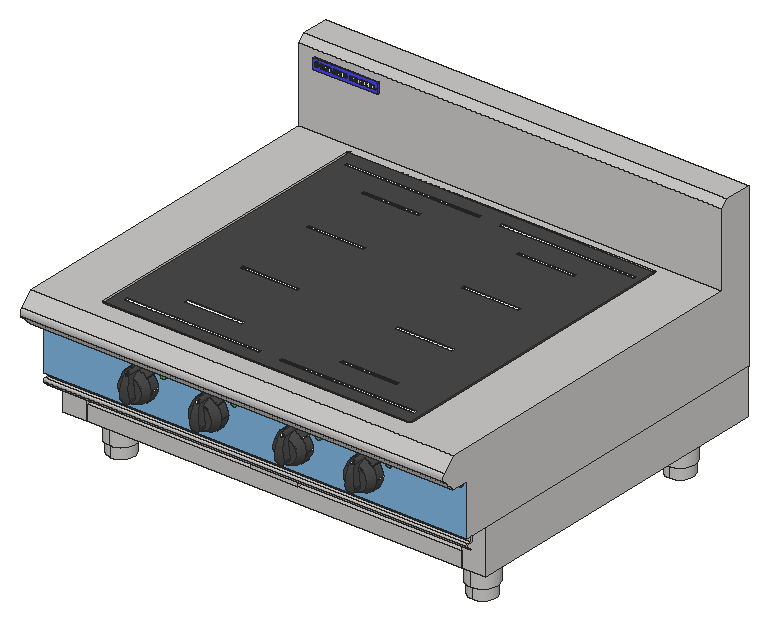
Revit family "QF_Moffat_IN514F-B_Induction_Cooktop_cat", category Specialty Equipment, Revit 2019
Family settings
  Round Connector Dimension = Use Diameter
  Part Type = Normal
  Work Plane-Based = No
  Always vertical = Yes
  Cut with Voids When Loaded = No
  Shared = No
  Room Calculation Point = No
Parameters (values of type "IN514F-B")
  Weight in Kilograms = 105
  Watts = 11200 W
  Volts = 400 V
  URL Cutsheet = ""
  Specification by User = ""
  Specification by Manufacturer = ""
  Show Logo [instance] = yes
  Serial Number = ""
  Seismic Rating = ""
  SMACNA No = ""
  Revision Code = ""
  Phase = 3
  Number of Poles = 1
  NAFEM Spec ID Number = ""
  Model = "IN514F-B"
  Min Ckt Ampacity = 0 A
  Max Overcurrent Protection = 0 A
  Masterspec = ""
  Manufacturer = "Moffat"
  Length = 900 mm
  Item Number = ""
  Installed By = ""
  Identify Quantity as Lot = yes
  Height = 525 mm
  HP = ""
  Furnished By = ""
  Foodservice Equipment Identifier = yes
  FL Amps = 28 A
  Electrical Remarks = ""
  Electric Connection Type = ""
  Elec Conn RI Height = 0 mm
  Elec Conn Connection Height = 0 mm
  Description = "Induction Cooktop"
  Depth = 812.2 mm
  Cycle = 50 Hz
  Conn Plug = ""
  Conn Conduit = yes
  CSI MasterFormat = ""
  Apparent Power = if(Phase = 3, Volts * FL Amps * 1.73, Volts * FL Amps)  # 19376 VA
Reference planes
  plane 1 "BACK": y = 0
  plane 2: z = 0
  plane 3 "LEFT": x = 0
  plane 4 "RIGHT": x = 900
  plane 5 "FRONT": y = -812.2
  plane 6 "TOP": z = 525
  plane 7 "Center Y": x = 450
  plane 8 "Center X": y = -406.1
  plane 9: x = 65.5
  plane 10: x = 834.5
  plane 11: y = -30
  plane 12: x = 770
  plane 13: z = 180
  plane 14: y = -100
  plane 15: y = -625
  plane 16: z = 85
Forms (mm)
  Extrusion 1, solid, material "QF_Metal_Stainless_Polished"
    sketch origin (0, 0, 0) x (0, 1, 0) y (0, 0, 1)
      loop
        line (0, 180) -> (0, 525) -> (-57, 525) -> (-70, 512) -> (-70, 354.5) -> (-784.171, 354.5) -> (-808.685, 329.985)
        arc (-808.685, 329.985) -> (-812.2, 321.5) -> (-808.685, 313.015) r 12
        line (-808.685, 313.015) -> (-785.171, 289.5) -> (-749, 289.5) -> (-749, 180) -> (0, 180)
    from 0 to 900
  Extrusion 2, void
    sketch origin (0, -784.171, 354.5) x (0, 1, 0) y (-1, 0, 0)
      loop
        arc (696.671, -124.5) -> (694.913, -120.257) -> (690.671, -118.5) r 6
        line (690.671, -118.5) -> (44.671, -118.5)
        arc (44.671, -118.5) -> (40.428, -120.257) -> (38.671, -124.5) r 6
        line (38.671, -124.5) -> (38.671, -770.5)
        arc (38.671, -770.5) -> (40.428, -774.743) -> (44.671, -776.5) r 6
        line (44.671, -776.5) -> (690.671, -776.5)
        arc (690.671, -776.5) -> (694.913, -774.743) -> (696.671, -770.5) r 6
        line (696.671, -770.5) -> (696.671, -124.5)
    from 0 to -9.5
  Extrusion 3, solid, material "QF_Plastic_White_Smooth"
    sketch origin (0, -784.171, 345) x (0, 1, 0) y (-1, 0, 0)
      loop
        line (599.671, -345) -> (605.671, -345) -> (605.671, -225) -> (599.671, -225) -> (599.671, -345)
      loop
        line (657.271, -427.5) -> (663.271, -427.5) -> (663.271, -142.5) -> (657.271, -142.5) -> (657.271, -427.5)
      loop
        line (657.271, -757.5) -> (663.271, -757.5) -> (663.271, -472.5) -> (657.271, -472.5) -> (657.271, -757.5)
      loop
        line (605.671, -555) -> (599.671, -555) -> (599.671, -675) -> (605.671, -675) -> (605.671, -555)
      loop
        line (459.171, -555) -> (453.171, -555) -> (453.171, -675) -> (459.171, -675) -> (459.171, -555)
      loop
        line (453.171, -345) -> (459.171, -345) -> (459.171, -225) -> (453.171, -225) -> (453.171, -345)
      loop
        line (282.171, -345) -> (282.171, -225) -> (276.171, -225) -> (276.171, -345) -> (282.171, -345)
      loop
        line (282.171, -555) -> (276.171, -555) -> (276.171, -675) -> (282.171, -675) -> (282.171, -555)
      loop
        line (129.671, -675) -> (135.671, -675) -> (135.671, -555) -> (129.671, -555) -> (129.671, -675)
      loop
        line (129.671, -345) -> (135.671, -345) -> (135.671, -225) -> (129.671, -225) -> (129.671, -345)
      loop
        line (78.071, -142.5) -> (72.071, -142.5) -> (72.071, -427.5) -> (78.071, -427.5) -> (78.071, -142.5)
      loop
        line (72.071, -757.5) -> (78.071, -757.5) -> (78.071, -472.5) -> (72.071, -472.5) -> (72.071, -757.5)
    from 0 to 9.5
  Extrusion 4, solid, material "QF_Plastic_Black_Smooth"
    sketch origin (0, -784.171, 354.5) x (0, 1, 0) y (-1, 0, 0)
      loop
        line (692.671, -770.5) -> (692.671, -124.5)
        arc (692.671, -124.5) -> (692.085, -123.086) -> (690.671, -122.5) r 2
        line (690.671, -122.5) -> (44.671, -122.5)
        arc (44.671, -122.5) -> (43.256, -123.086) -> (42.671, -124.5) r 2
        line (42.671, -124.5) -> (42.671, -770.5)
        arc (42.671, -770.5) -> (43.256, -771.914) -> (44.671, -772.5) r 2
        line (44.671, -772.5) -> (690.671, -772.5)
        arc (690.671, -772.5) -> (692.085, -771.914) -> (692.671, -770.5) r 2
      loop
        line (657.271, -142.5) -> (657.271, -427.5) -> (663.271, -427.5) -> (663.271, -142.5) -> (657.271, -142.5)
      loop
        line (599.671, -225) -> (599.671, -345) -> (605.671, -345) -> (605.671, -225) -> (599.671, -225)
      loop
        line (459.171, -345) -> (459.171, -225) -> (453.171, -225) -> (453.171, -345) -> (459.171, -345)
      loop
        line (276.171, -225) -> (276.171, -345) -> (282.171, -345) -> (282.171, -225) -> (276.171, -225)
      loop
        line (129.671, -225) -> (129.671, -345) -> (135.671, -345) -> (135.671, -225) -> (129.671, -225)
      loop
        line (78.071, -427.5) -> (78.071, -142.5) -> (72.071, -142.5) -> (72.071, -427.5) -> (78.071, -427.5)
      loop
        line (72.071, -757.5) -> (78.071, -757.5) -> (78.071, -472.5) -> (72.071, -472.5) -> (72.071, -757.5)
      loop
        line (129.671, -675) -> (135.671, -675) -> (135.671, -555) -> (129.671, -555) -> (129.671, -675)
      loop
        line (276.171, -675) -> (282.171, -675) -> (282.171, -555) -> (276.171, -555) -> (276.171, -675)
      loop
        line (453.171, -675) -> (459.171, -675) -> (459.171, -555) -> (453.171, -555) -> (453.171, -675)
      loop
        line (599.671, -675) -> (605.671, -675) -> (605.671, -555) -> (599.671, -555) -> (599.671, -675)
      loop
        line (657.271, -757.5) -> (663.271, -757.5) -> (663.271, -472.5) -> (657.271, -472.5) -> (657.271, -757.5)
    from 0 to -9.5
  Extrusion 5, solid, material "QF_Metal_Stainless_Polished"
    sketch origin (0, 0, 40) x (0, 1, 0) y (0, 0, 1)
      loop
        line (-737.8, 140) -> (-737.8, 130) -> (-747.305, 130)
        arc (-747.305, 130) -> (-750.276, 128.015) -> (-749.579, 124.511) r 3.215
        line (-749.579, 124.511) -> (-739.05, 113.982) -> (-737.919, 115.113) -> (-748.447, 125.642)
        arc (-748.447, 125.642) -> (-748.797, 127.403) -> (-747.305, 128.4) r 1.615
        line (-747.305, 128.4) -> (-736.2, 128.4) -> (-736.2, 140) -> (-737.8, 140)
    from 0 to 900
  Extrusion 6, solid, material "QF_Plastic_Black_Smooth"
    sketch origin (0, -749, 181.875) x (0, 0, 1) y (-1, 0, 0)
      loop
        circle (99.343, -13.157) r 5
      loop
        circle (99.343, -886.843) r 5
      loop
        circle (99.343, -210) r 5
      loop
        circle (99.343, -360) r 5
      loop
        circle (99.343, -540) r 5
      loop
        circle (99.343, -690) r 5
    from 0 to 1.6
  Extrusion 7, solid, material "QF_Metal_Stainless_Polished"
    sketch origin (0, -699, 85) x (0, 1, 0) y (1, 0, 0)
      loop
        circle (669, 770) r 6.35
    from 0 to 1.6
  Extrusion 8, solid, material "QF_Metal_Stainless_Polished"
    sketch origin (0, -699, 85) x (1, 0, 0) y (0, -1, 0)
      loop
        line (0, -699) -> (900, -699) -> (900, 0) -> (849.2, 0) -> (849.2, -25.4) -> (50.8, -25.4) -> (50.8, 0) -> (0, 0) -> (0, -699)
    from 0 to -95
  Revolve 9, solid, material "QF_Metal_Stainless_Polished"
    sketch origin (65.5, -4572, -304.8) x (0, 0, -1) y (0, -1, 0)
      loop
        line (-304.8, -4499.5) -> (-304.8, -4472) -> (-389.8, -4472) -> (-389.8, -4503.75) -> (-329.8, -4503.75) -> (-329.8, -4499.5) -> (-304.8, -4499.5)
      axis (-389.8, -4472) -> (-304.8, -4472)
    angle from 0 to 360
  Revolve 10, solid, material "QF_Metal_Stainless_Polished"
    sketch origin (65.5, -4572, -304.8) x (0, 0, -1) y (0, -1, 0)
      loop
        line (-304.8, -3974.5) -> (-304.8, -3947) -> (-389.8, -3947) -> (-389.8, -3978.75) -> (-329.8, -3978.75) -> (-329.8, -3974.5) -> (-304.8, -3974.5)
      axis (-389.8, -3947) -> (-304.8, -3947)
    angle from 0 to 360
  Revolve 11, solid, material "QF_Metal_Stainless_Polished"
    sketch origin (834.5, -4572, -304.8) x (0, 0, -1) y (0, 1, 0)
      loop
        line (-304.8, 4499.5) -> (-329.8, 4499.5) -> (-329.8, 4503.75) -> (-389.8, 4503.75) -> (-389.8, 4472) -> (-304.8, 4472) -> (-304.8, 4499.5)
      axis (-389.8, 4472) -> (-304.8, 4472)
    angle from 0 to 360
  Revolve 12, solid, material "QF_Metal_Stainless_Polished"
    sketch origin (834.5, -4572, -304.8) x (0, 0, -1) y (0, 1, 0)
      loop
        line (-304.8, 3974.5) -> (-329.8, 3974.5) -> (-329.8, 3978.75) -> (-389.8, 3978.75) -> (-389.8, 3947) -> (-304.8, 3947) -> (-304.8, 3974.5)
      axis (-389.8, 3947) -> (-304.8, 3947)
    angle from 0 to 360
  Extrusion 13, solid, material "QF_Paint_Green"
    sketch origin (-27.5, -749, 181.7) x (0, 0, 1) y (-1, 0, 0)
      loop
        circle (84.8, -282.5) r 7.15
    from 0 to 1.6
  Extrusion 14, solid, material "QF_Paint_Green"
    sketch origin (122.5, -749, 181.7) x (0, 0, 1) y (-1, 0, 0)
      loop
        circle (84.8, -282.5) r 7.15
    from 0 to 1.6
  Extrusion 15, solid, material "QF_Paint_Green"
    sketch origin (302.5, -749, 181.7) x (0, 0, 1) y (-1, 0, 0)
      loop
        circle (84.8, -282.5) r 7.15
    from 0 to 1.6
  Extrusion 16, solid, material "QF_Paint_Green"
    sketch origin (452.5, -749, 181.7) x (0, 0, 1) y (-1, 0, 0)
      loop
        circle (84.8, -282.5) r 7.15
    from 0 to 1.6
  Extrusion 17, solid, material "QF_Metal_Stainless_Polished"
    sketch origin (849.2, -673.6, 85) x (-1, 0, 0) y (0, 0, -1)
      loop
        line (798.4, -32.7) -> (798.4, 0) -> (0, 0) -> (0, -32.7) -> (798.4, -32.7)
      loop
        line (798.4, -42.7) -> (450, -42.7) -> (450, -66.4) -> (798.4, -66.4) -> (798.4, -42.7)
      loop
        line (0, -67.4) -> (0, -95) -> (798.4, -95) -> (798.4, -67.4) -> (0, -67.4)
      loop
        line (348.4, -42.7) -> (0, -42.7) -> (0, -66.4) -> (348.4, -66.4) -> (348.4, -42.7)
    from 0 to 25.4
  Extrusion 18, solid, material "QF_Metal_Stainless_Polished"
    sketch origin (849.2, -673.6, 85) x (1, 0, 0) y (0, 0, -1)
      loop
        line (-450, -67.4) -> (-348.4, -67.4) -> (-348.4, -32.7) -> (-450, -32.7) -> (-450, -67.4)
    from 0 to -25.4
Cuts and joins
  Extrusion 2 cuts Extrusion 1
Lines and regions (mm)
  symbolic lines
    curve 1: line (0, 0, 0) -> (900, 0, 0)
    curve 2: line (0, -812.2, 0) -> (0, 0, 0)
    curve 3: line (900, -812.2, 0) -> (0, -812.2, 0)
    curve 4: line (900, 0, 0) -> (900, -812.2, 0)
    curve 5: line (0, -57, 0) -> (900, -57, 0)
    curve 6: line (0, -70, 0) -> (900, -70, 0)
    curve 7: line (124.5, -87.5, 0) -> (770.5, -87.5, 0)
    curve 8: arc (770.5, -87.5, 0) -> (774.743, -89.257, 0) -> (776.5, -93.5, 0) r 6
    curve 9: line (776.5, -93.5, 0) -> (776.5, -739.5, 0)
    curve 10: arc (776.5, -739.5, 0) -> (774.743, -743.743, 0) -> (770.5, -745.5, 0) r 6
    curve 11: line (770.5, -745.5, 0) -> (124.5, -745.5, 0)
    curve 12: arc (124.5, -745.5, 0) -> (120.257, -743.743, 0) -> (118.5, -739.5, 0) r 6
    curve 13: line (118.5, -739.5, 0) -> (118.5, -93.5, 0)
    curve 14: arc (118.5, -93.5, 0) -> (120.257, -89.257, 0) -> (124.5, -87.5, 0) r 6
    curve 15: line (770.5, -91.5, 0) -> (124.5, -91.5, 0)
    curve 16: arc (124.5, -91.5, 0) -> (123.086, -92.086, 0) -> (122.5, -93.5, 0) r 2
    curve 17: line (122.5, -93.5, 0) -> (122.5, -739.5, 0)
    curve 18: arc (122.5, -739.5, 0) -> (123.086, -740.914, 0) -> (124.5, -741.5, 0) r 2
    curve 19: line (124.5, -741.5, 0) -> (770.5, -741.5, 0)
    curve 20: arc (770.5, -741.5, 0) -> (771.914, -740.914, 0) -> (772.5, -739.5, 0) r 2
    curve 21: line (772.5, -739.5, 0) -> (772.5, -93.5, 0)
    curve 22: arc (772.5, -93.5, 0) -> (771.914, -92.086, 0) -> (770.5, -91.5, 0) r 2
    curve 23: line (142.5, -120.9, 0) -> (427.5, -120.9, 0)
    curve 24: line (427.5, -120.9, 0) -> (427.5, -126.9, 0)
    curve 25: line (427.5, -126.9, 0) -> (142.5, -126.9, 0)
    curve 26: line (142.5, -126.9, 0) -> (142.5, -120.9, 0)
    curve 27: line (225, -178.5, 0) -> (345, -178.5, 0)
    curve 28: line (345, -178.5, 0) -> (345, -184.5, 0)
    curve 29: line (345, -184.5, 0) -> (225, -184.5, 0)
    curve 30: line (225, -184.5, 0) -> (225, -178.5, 0)
    curve 31: line (472.5, -120.9, 0) -> (757.5, -120.9, 0)
    curve 32: line (757.5, -120.9, 0) -> (757.5, -126.9, 0)
    curve 33: line (757.5, -126.9, 0) -> (472.5, -126.9, 0)
    curve 34: line (472.5, -126.9, 0) -> (472.5, -120.9, 0)
    curve 35: line (555, -178.5, 0) -> (675, -178.5, 0)
    curve 36: line (675, -178.5, 0) -> (675, -184.5, 0)
    curve 37: line (675, -184.5, 0) -> (555, -184.5, 0)
    curve 38: line (555, -184.5, 0) -> (555, -178.5, 0)
    curve 39: line (225, -325, 0) -> (345, -325, 0)
    curve 40: line (345, -325, 0) -> (345, -331, 0)
    curve 41: line (345, -331, 0) -> (225, -331, 0)
    curve 42: line (225, -331, 0) -> (225, -325, 0)
    curve 43: line (225, -502, 0) -> (345, -502, 0)
    curve 44: line (345, -502, 0) -> (345, -508, 0)
    curve 45: line (345, -508, 0) -> (225, -508, 0)
    curve 46: line (225, -508, 0) -> (225, -502, 0)
    curve 47: line (225, -648.5, 0) -> (345, -648.5, 0)
    curve 48: line (345, -648.5, 0) -> (345, -654.5, 0)
    curve 49: line (345, -654.5, 0) -> (225, -654.5, 0)
    curve 50: line (225, -654.5, 0) -> (225, -648.5, 0)
    curve 51: line (142.5, -706.1, 0) -> (427.5, -706.1, 0)
    curve 52: line (427.5, -706.1, 0) -> (427.5, -712.1, 0)
    curve 53: line (427.5, -712.1, 0) -> (142.5, -712.1, 0)
    curve 54: line (142.5, -712.1, 0) -> (142.5, -706.1, 0)
    curve 55: line (472.5, -706.1, 0) -> (757.5, -706.1, 0)
    curve 56: line (757.5, -706.1, 0) -> (757.5, -712.1, 0)
    curve 57: line (757.5, -712.1, 0) -> (472.5, -712.1, 0)
    curve 58: line (472.5, -712.1, 0) -> (472.5, -706.1, 0)
    curve 59: line (675, -654.5, 0) -> (555, -654.5, 0)
    curve 60: line (555, -654.5, 0) -> (555, -648.5, 0)
    curve 61: line (555, -648.5, 0) -> (675, -648.5, 0)
    curve 62: line (675, -648.5, 0) -> (675, -654.5, 0)
    curve 63: line (675, -508, 0) -> (555, -508, 0)
    curve 64: line (555, -508, 0) -> (555, -502, 0)
    curve 65: line (555, -502, 0) -> (675, -502, 0)
    curve 66: line (675, -502, 0) -> (675, -508, 0)
    curve 67: line (675, -331, 0) -> (555, -331, 0)
    curve 68: line (555, -331, 0) -> (555, -325, 0)
    curve 69: line (555, -325, 0) -> (675, -325, 0)
    curve 70: line (675, -325, 0) -> (675, -331, 0)
    curve 71: line (0, -784.171, 0) -> (900, -784.171, 0)
Dimensions and locks
  equal spacing: plane 3 "LEFT", plane 7 "Center Y", plane 4 "RIGHT"
  "Length": plane 3 "LEFT" to plane 4 "RIGHT"
  equal spacing: plane 5 "FRONT", plane 8 "Center X", plane 1 "BACK"
  "Depth": plane 5 "FRONT" to plane 1 "BACK"
  "Height": plane 6 "TOP" to level
  plane 9 to plane 10 = 769 mm
  plane 4 "RIGHT" to plane 3 "LEFT" = 900 mm
  plane 1 "BACK" to cut or joined group of Extrusion 1, Extrusion 2 = 70 mm
  plane 1 "BACK" to plane 5 "FRONT" = 812.2 mm
  plane 6 "TOP" to plane 2 = 525 mm
  cut or joined group of Extrusion 1, Extrusion 2 to plane 2 = 354.5 mm
  locked: plane 12 to plane 4 "RIGHT" at 130
  plane 1 "BACK" to plane 11 = 30 mm
  plane 1 "BACK" to plane 14 to plane 15 = 100 mm, 525 mm
  plane 16 to plane 2 = 85 mm
  aligned and locked: level to plane 2
Automatic sketch dimensions
  Extrusion 1 sketch curve to plane 6 "TOP" = 0 mm
  Extrusion 1 sketch curve to plane 1 "BACK" = 0 mm
  plane 11 to Extrusion 1 sketch curve = 27 mm
  Extrusion 1 sketch curve to plane 6 "TOP" = 13 mm
  Extrusion 1 sketch curve to Extrusion 1 sketch curve = 13 mm
  Extrusion 1 sketch curve to plane 5 "FRONT" = 63.2 mm
  Extrusion 1 sketch curve to plane 5 "FRONT" = 28.029 mm
  Extrusion 1 sketch curve to plane 5 "FRONT" = 27.029 mm
  Extrusion 1 sketch curve to plane 5 "FRONT" = 12 mm
  Extrusion 1 sketch curve to plane 5 "FRONT" = 3.515 mm  (x2)
  Extrusion 1 sketch curve to plane 6 "TOP" = 170.5 mm
  Extrusion 1 sketch curve to Extrusion 1 sketch curve = 24.515 mm
  Extrusion 1 sketch curve to Extrusion 1 sketch curve = 8.485 mm
  Extrusion 1 sketch curve to Extrusion 1 sketch curve = 32 mm
  Extrusion 1 sketch curve to plane 13 = 0 mm
  Extrusion 5 sketch curve to Extrusion 5 sketch curve = 0 mm  (x2)
  plane 13 to Extrusion 5 sketch curve = 15.489 mm
  Extrusion 5 sketch curve to plane 5 "FRONT" = 62.621 mm
  plane 13 to Extrusion 5 sketch curve = 14.358 mm
  Extrusion 5 sketch curve to Extrusion 5 sketch curve = 1.131 mm
  Extrusion 5 sketch curve to Extrusion 5 sketch curve = 1.142 mm  (x2)
  plane 13 to Extrusion 5 sketch curve = 26.018 mm
  Extrusion 5 sketch curve to Extrusion 5 sketch curve = 10.529 mm
  Extrusion 5 sketch curve to Extrusion 5 sketch curve = 9.505 mm
  Extrusion 5 sketch curve to plane 13 = 0 mm
  Extrusion 5 sketch curve to Extrusion 5 sketch curve = 1.6 mm
  Extrusion 8 to Extrusion 7 sketch curve = 30 mm
  Extrusion 7 sketch curve to Extrusion 8 = 79.2 mm
  plane 1 "BACK" to Extrusion 8 sketch curve = 0 mm
  Extrusion 8 sketch curve to plane 3 "LEFT" = 0 mm
  Extrusion 8 sketch curve to plane 4 "RIGHT" = 0 mm
  plane 9 to Extrusion 8 sketch curve = 14.7 mm
  Extrusion 8 sketch curve to plane 10 = 14.7 mm
  plane 15 to Extrusion 8 sketch curve = 48.6 mm
  Extrusion 8 sketch curve to Extrusion 8 sketch curve = 25.4 mm  (x2)
  Revolve 9 sketch curve to plane 14 = 0 mm  (x2)
  Revolve 9 sketch curve to plane 16 = 0 mm
  Revolve 9 sketch curve to level = 0 mm  (x2)
  level to Revolve 9 sketch curve = 25 mm
  Revolve 9 sketch curve to plane 14 = 27.5 mm
  Revolve 9 sketch curve to plane 14 = 31.75 mm
  Revolve 9 sketch curve to Revolve 9 sketch curve = 25 mm
  Revolve 10 sketch curve to plane 15 = 0 mm  (x2)
  Revolve 10 sketch curve to plane 16 = 0 mm
  Revolve 10 sketch curve to level = 0 mm  (x2)
  level to Revolve 10 sketch curve = 25 mm
  Revolve 10 sketch curve to plane 15 = 27.5 mm
  Revolve 10 sketch curve to plane 15 = 31.75 mm
  Revolve 10 sketch curve to Revolve 10 sketch curve = 25 mm
  Revolve 11 sketch curve to plane 14 = 0 mm  (x2)
  Revolve 11 sketch curve to plane 16 = 0 mm
  Revolve 11 sketch curve to level = 0 mm  (x2)
  level to Revolve 11 sketch curve = 25 mm
  Revolve 11 sketch curve to plane 14 = 27.5 mm
  Revolve 11 sketch curve to Revolve 11 sketch curve = 4.25 mm
  Revolve 11 sketch curve to Revolve 11 sketch curve = 25 mm
  Revolve 12 sketch curve to plane 15 = 0 mm  (x2)
  Revolve 12 sketch curve to plane 16 = 0 mm
  Revolve 12 sketch curve to level = 0 mm  (x2)
  level to Revolve 12 sketch curve = 25 mm
  Revolve 12 sketch curve to plane 15 = 27.5 mm
  Revolve 12 sketch curve to Revolve 12 sketch curve = 4.25 mm
  Revolve 12 sketch curve to Revolve 12 sketch curve = 25 mm
  Extrusion 1 to Extrusion 13 sketch curve = 23 mm
  Extrusion 1 to Extrusion 13 sketch curve = 255 mm
  Extrusion 1 to Extrusion 14 sketch curve = 23 mm
  Extrusion 1 to Extrusion 14 sketch curve = 405 mm
  Extrusion 1 to Extrusion 15 sketch curve = 23 mm
  Extrusion 1 to Extrusion 15 sketch curve = 315 mm
  Extrusion 1 to Extrusion 16 sketch curve = 23 mm
  Extrusion 1 to Extrusion 16 sketch curve = 165 mm
  Extrusion 17 sketch curve to Extrusion 8 = 0 mm  (x8)
  Extrusion 8 to Extrusion 17 sketch curve = 42.7 mm
  Extrusion 17 sketch curve to Extrusion 8 = 348.4 mm
  Extrusion 8 to Extrusion 17 sketch curve = 28.6 mm
  Extrusion 17 sketch curve to Extrusion 17 sketch curve = 101.6 mm
  Extrusion 17 sketch curve to Extrusion 17 sketch curve = 24.7 mm
  Extrusion 17 sketch curve to Extrusion 17 sketch curve = 23.7 mm  (x2)
  Extrusion 17 sketch curve to Extrusion 17 sketch curve = 10 mm
  Extrusion 18 sketch curve to Extrusion 17 = 0 mm  (x3)
  Extrusion 17 to Extrusion 18 sketch curve = 0 mm
  Extrusion 4 sketch curve to Extrusion 1 = 42.671 mm
  Extrusion 4 sketch curve to Extrusion 4 sketch curve = 2 mm  (x3)
  Extrusion 1 to Extrusion 4 sketch curve = 23.5 mm  (x2)
  Extrusion 1 to Extrusion 4 sketch curve = 127.5 mm
  Extrusion 1 to Extrusion 4 sketch curve = 124.5 mm
  Extrusion 1 to Extrusion 4 sketch curve = 56.9 mm
  Extrusion 4 sketch curve to Extrusion 4 sketch curve = 6 mm  (x12)
  Extrusion 4 sketch curve to Extrusion 4 sketch curve = 303 mm
  Extrusion 4 sketch curve to Extrusion 4 sketch curve = 18 mm  (x2)
  Extrusion 4 sketch curve to Extrusion 4 sketch curve = 57.6 mm
  Extrusion 4 sketch curve to Extrusion 4 sketch curve = 82.5 mm  (x5)
  Extrusion 4 sketch curve to Extrusion 4 sketch curve = 146.5 mm
  Extrusion 4 sketch curve to Extrusion 4 sketch curve = 0 mm  (x6)
  Extrusion 4 sketch curve to Extrusion 4 sketch curve = 120 mm  (x6)
  Extrusion 4 sketch curve to Extrusion 4 sketch curve = 177 mm
  Extrusion 4 sketch curve to Extrusion 1 = 129.671 mm
  Extrusion 4 sketch curve to Extrusion 4 sketch curve = 27.4 mm  (x2)
  Extrusion 4 sketch curve to Extrusion 4 sketch curve = 13 mm  (x2)
  Extrusion 4 sketch curve to Extrusion 4 sketch curve = 45 mm  (x2)
  Extrusion 4 sketch curve to Extrusion 4 sketch curve = 51.6 mm
  Extrusion 4 sketch curve to Extrusion 4 sketch curve = 140.5 mm
  Extrusion 4 sketch curve to Extrusion 4 sketch curve = 171 mm
  Extrusion 1 to Extrusion 4 sketch curve = 114.5 mm
  Extrusion 4 sketch curve to Extrusion 4 sketch curve = 95.5 mm
  Extrusion 3 sketch curve to Extrusion 3 sketch curve = 6 mm  (x12)
  Extrusion 3 sketch curve to Extrusion 3 sketch curve = 120 mm  (x8)
  Extrusion 3 sketch curve to Extrusion 3 sketch curve = 82.5 mm  (x7)
  Extrusion 3 sketch curve to Extrusion 3 sketch curve = 45 mm  (x2)
  Extrusion 3 sketch curve to Extrusion 3 sketch curve = 140.5 mm  (x3)
  Extrusion 3 sketch curve to Extrusion 3 sketch curve = 0 mm  (x6)
  Extrusion 3 sketch curve to Extrusion 3 sketch curve = 146.5 mm
  Extrusion 3 sketch curve to Extrusion 3 sketch curve = 171 mm
  Extrusion 3 sketch curve to Extrusion 3 sketch curve = 177 mm
  Extrusion 2 sketch curve to Extrusion 1 = 38.671 mm
  Extrusion 2 sketch curve to Extrusion 2 sketch curve = 6 mm  (x3)
  Extrusion 1 to Extrusion 2 sketch curve = 23.5 mm  (x2)
  Extrusion 1 to Extrusion 2 sketch curve = 123.5 mm
  Extrusion 1 to Extrusion 2 sketch curve = 124.5 mm
  Extrusion 3 sketch curve to Extrusion 2 = 33.4 mm  (x2)
  Extrusion 3 sketch curve to Extrusion 2 = 91 mm  (x2)
  Extrusion 3 sketch curve to Extrusion 2 = 19 mm
  Extrusion 3 sketch curve to Extrusion 2 = 39.4 mm  (x2)
  curve 3 to plane 3 "LEFT" = 0 mm
  curve 3 to plane 4 "RIGHT" = 0 mm
  plane 5 "FRONT" to curve 3 = 0 mm
  plane 1 "BACK" to curve 2 = 0 mm
  plane 11 to curve 5 = 27 mm
  curve 6 to curve 5 = 13 mm
  curve 13 to plane 9 = 53 mm
  curve 13 to curve 14 = 6 mm
  curve 12 to curve 12 = 6 mm
  curve 7 to plane 12 = 0.5 mm
  curve 10 to plane 12 = 0.5 mm
  curve 10 to curve 9 = 6 mm
  curve 11 to plane 5 "FRONT" = 66.7 mm
  curve 9 to plane 14 = 6.5 mm
  curve 8 to curve 22 = 0 mm  (x2)
  curve 10 to curve 20 = 0 mm  (x2)
  curve 12 to curve 18 = 0 mm  (x2)
  curve 14 to curve 16 = 0 mm
  curve 17 to curve 14 = 2 mm
  curve 14 to curve 25 = 18 mm
  curve 25 to plane 7 "Center Y" = 22.5 mm
  plane 14 to curve 24 = 26.9 mm
  curve 25 to curve 23 = 6 mm
  curve 25 to curve 29 = 82.5 mm
  curve 28 to curve 24 = 82.5 mm
  plane 14 to curve 30 = 84.5 mm
  curve 28 to curve 28 = 6 mm
  plane 7 "Center Y" to curve 34 = 22.5 mm
  plane 12 to curve 32 = 12.5 mm
  plane 14 to curve 33 = 26.9 mm
  curve 32 to curve 31 = 6 mm
  curve 33 to curve 37 = 82.5 mm
  plane 12 to curve 36 = 95 mm
  plane 14 to curve 37 = 84.5 mm
  curve 36 to curve 36 = 6 mm
  curve 41 to curve 29 = 0 mm
  curve 39 to plane 7 "Center Y" = 105 mm
  plane 8 "Center X" to curve 42 = 75.1 mm
  curve 40 to curve 39 = 6 mm
  curve 43 to plane 9 = 159.5 mm
  curve 45 to plane 7 "Center Y" = 105 mm
  curve 45 to plane 8 "Center X" = 101.9 mm
  curve 44 to curve 43 = 6 mm
  plane 15 to curve 47 = 23.5 mm
  curve 12 to curve 47 = 100.5 mm
  plane 15 to curve 49 = 29.5 mm
  curve 49 to plane 7 "Center Y" = 105 mm
  curve 12 to curve 51 = 18 mm
  curve 52 to plane 7 "Center Y" = 22.5 mm
  curve 12 to curve 54 = 27.4 mm
  curve 53 to curve 54 = 6 mm
  plane 7 "Center Y" to curve 55 = 22.5 mm
  plane 12 to curve 57 = 12.5 mm
  curve 52 to curve 57 = 0 mm
  curve 56 to curve 56 = 6 mm
  plane 15 to curve 59 = 29.5 mm
  curve 55 to curve 59 = 82.5 mm
  plane 12 to curve 59 = 95 mm
  curve 59 to curve 60 = 6 mm
  plane 7 "Center Y" to curve 65 = 105 mm
  plane 12 to curve 63 = 95 mm
  curve 63 to plane 8 "Center X" = 101.9 mm
  curve 63 to curve 64 = 6 mm
  plane 7 "Center Y" to curve 69 = 105 mm
  plane 12 to curve 67 = 95 mm
  plane 8 "Center X" to curve 67 = 75.1 mm
  curve 67 to curve 68 = 6 mm
  curve 2 to curve 71 = 28.029 mm
  Extrusion 1 to Extrusion 6 sketch curve = 8.282 mm  (x6)
  Extrusion 1 to Extrusion 6 sketch curve = 13.157 mm  (x2)
  Extrusion 6 sketch curve to Extrusion 6 sketch curve = 196.843 mm
  Extrusion 6 sketch curve to Extrusion 6 sketch curve = 150 mm  (x2)
  Extrusion 6 sketch curve to Extrusion 6 sketch curve = 180 mm
  radius of Extrusion 7 sketch curve = 6.35 mm
  radius of Extrusion 13 sketch curve = 7.15 mm
  radius of Extrusion 14 sketch curve = 7.15 mm
  radius of Extrusion 15 sketch curve = 7.15 mm
  radius of Extrusion 16 sketch curve = 7.15 mm
  radius of Extrusion 6 sketch curve = 5 mm  (x6)
Nested families
  nested 1: "QF_LOGO_BLue Seal" at (32, -70, 474.385), visible <- "Show Logo", type "QF_LOGO_BLue Seal"
  nested 2: "Knob" at (177.5, -739.5, 204.5), type "Knob"
  nested 3: "Knob" at (327.5, -739.5, 204.5), type "Knob"
  nested 4: "Knob" at (507.5, -739.5, 204.5), type "Knob"
  nested 5: "Knob" at (657.5, -739.5, 204.5), type "Knob"
Connectors
  electrical at (770, -30, 83.4), driven by "Volts", driven by "Watts"
    settings: on Extrusion 7, index 1, voltage 400 V, apparent load 11200 VA, apparent load phase1 0 VA, apparent load phase2 0 VA, apparent load phase3 0 VA, power factor 1, load classification "Other", number of poles 1, system type 30, power factor state 1, is connector primary yes, connector utility no, sub classification motor no, connector description "Electrical Connection"
Definition of nested family "QF_LOGO_BLue Seal"
  Parameters (values of type "QF_LOGO_BLue Seal")
    Weight in Pounds = 0
    URL Cutsheet = ""
    Specification by User = ""
    Specification by Manufacturer = ""
    Serial Number = ""
    Seismic Rating = ""
    SMACNA No = ""
    Revision Code = ""
    NAFEM Spec ID Number = ""
    Masterspec = ""
    Length = 138 mm
    Item Number = ""
    Installed By = ""
    Identify Quantity as Lot = yes
    Height = 23 mm
    Furnished By = ""
    Foodservice Equipment Identifier = yes
    Depth = 3.175 mm
    CSI MasterFormat = ""
  Reference planes
    plane 1 "BACK": y = 0
    plane 2: z = 0
    plane 3 "LEFT": x = 0
    plane 4 "RIGHT": x = 138
    plane 5 "FRONT": y = -3.175
    plane 6 "TOP": z = 23
    plane 7 "Center Y": x = 69
    plane 8 "Center X": y = -1.587
  Forms (mm)
    Extrusion 1, solid
      sketch origin (0, 0, 0) x (1, 0, 0) y (0, 0, 1)
        loop
          arc (2, 23) -> (0.586, 22.414) -> (0, 21) r 2
          line (0, 21) -> (0, 2)
          arc (0, 2) -> (0.586, 0.586) -> (2, 0) r 2
          line (2, 0) -> (136, 0)
          arc (136, 0) -> (137.414, 0.586) -> (138, 2) r 2
          line (138, 2) -> (138, 21)
          arc (138, 21) -> (137.414, 22.414) -> (136, 23) r 2
          line (136, 23) -> (2, 23)
        loop
          arc (16.625, 15.317) -> (15.943, 15.034) -> (15.66, 14.352) r 0.965
          line (15.66, 14.352) -> (15.66, 8.169)
          arc (15.66, 8.169) -> (15.953, 7.461) -> (16.66, 7.169) r 1
          line (16.66, 7.169) -> (27.958, 7.169)
          arc (27.958, 7.169) -> (29.995, 9.206) -> (27.958, 11.243) r 2.037
          arc (27.958, 11.243) -> (29.995, 13.28) -> (27.958, 15.317) r 2.037
          line (27.958, 15.317) -> (16.625, 15.317)
        loop
          line (21.163, 13.835) -> (21.163, 12.291) -> (23.596, 12.291)
          arc (23.596, 12.291) -> (24.368, 13.063) -> (23.596, 13.835) r 0.772
          line (23.596, 13.835) -> (21.163, 13.835)
        loop
          line (21.163, 8.544) -> (23.596, 8.544)
          arc (23.596, 8.544) -> (24.368, 9.316) -> (23.596, 10.089) r 0.772
          line (23.596, 10.089) -> (21.163, 10.089) -> (21.163, 8.544)
        loop
          arc (32.475, 15.317) -> (31.768, 15.024) -> (31.475, 14.317) r 1
          line (31.475, 14.317) -> (31.475, 8.169)
          arc (31.475, 8.169) -> (31.768, 7.461) -> (32.475, 7.169) r 1
          line (32.475, 7.169) -> (41.849, 7.169)
          arc (41.849, 7.169) -> (42.859, 8.178) -> (41.849, 9.188) r 1.01
          line (41.849, 9.188) -> (37.262, 9.188) -> (37.262, 14.317)
          arc (37.262, 14.317) -> (36.969, 15.024) -> (36.262, 15.317) r 1
          line (36.262, 15.317) -> (32.475, 15.317)
        loop
          arc (44.648, 15.317) -> (43.941, 15.024) -> (43.648, 14.317) r 1
          line (43.648, 14.317) -> (43.648, 9.124)
          arc (43.648, 9.124) -> (44.221, 7.741) -> (45.604, 7.169) r 1.956
          line (45.604, 7.169) -> (55.306, 7.169)
          arc (55.306, 7.169) -> (56.749, 7.766) -> (57.347, 9.209) r 2.04
          line (57.347, 9.209) -> (57.347, 14.358)
          arc (57.347, 14.358) -> (57.066, 15.036) -> (56.388, 15.317) r 0.959
          line (56.388, 15.317) -> (52.676, 15.317)
          arc (52.676, 15.317) -> (51.968, 15.024) -> (51.676, 14.317) r 1
          line (51.676, 14.317) -> (51.676, 10.17)
          arc (51.676, 10.17) -> (50.529, 9.024) -> (49.383, 10.17) r 1.146
          line (49.383, 10.17) -> (49.383, 14.317)
          arc (49.383, 14.317) -> (49.09, 15.024) -> (48.383, 15.317) r 1
          line (48.383, 15.317) -> (44.648, 15.317)
        loop
          arc (60.035, 15.317) -> (59.328, 15.024) -> (59.035, 14.317) r 1
          line (59.035, 14.317) -> (59.035, 8.169)
          arc (59.035, 8.169) -> (59.328, 7.461) -> (60.035, 7.169) r 1
          line (60.035, 7.169) -> (69.845, 7.169)
          arc (69.845, 7.169) -> (70.828, 8.152) -> (69.845, 9.135) r 0.983
          line (69.845, 9.135) -> (65.06, 9.135) -> (65.06, 10.415) -> (69.988, 10.415)
          arc (69.988, 10.415) -> (70.828, 11.255) -> (69.988, 12.095) r 0.84
          line (69.988, 12.095) -> (65.06, 12.095) -> (65.06, 13.215) -> (69.777, 13.215)
          arc (69.777, 13.215) -> (70.828, 14.266) -> (69.777, 15.317) r 1.051
          line (69.777, 15.317) -> (60.035, 15.317)
        loop
          line (77.315, 14.317) -> (77.315, 11.634)
          arc (77.315, 11.634) -> (77.608, 10.927) -> (78.315, 10.634) r 1
          line (78.315, 10.634) -> (85.957, 10.634) -> (85.957, 8.756) -> (82.871, 8.756) -> (82.871, 9.708) -> (77.315, 9.708) -> (77.315, 8.169)
          arc (77.315, 8.169) -> (77.608, 7.461) -> (78.315, 7.169) r 1
          line (78.315, 7.169) -> (90.614, 7.169)
          arc (90.614, 7.169) -> (91.321, 7.461) -> (91.614, 8.169) r 1
          line (91.614, 8.169) -> (91.614, 11.073)
          arc (91.614, 11.073) -> (91.322, 11.778) -> (90.617, 12.07) r 0.996
          line (90.617, 12.07) -> (82.871, 12.07) -> (82.871, 13.786) -> (85.957, 13.786) -> (85.957, 12.856) -> (91.614, 12.856) -> (91.614, 14.317)
          arc (91.614, 14.317) -> (91.321, 15.024) -> (90.614, 15.317) r 1
          line (90.614, 15.317) -> (78.315, 15.317)
          arc (78.315, 15.317) -> (77.608, 15.024) -> (77.315, 14.317) r 1
        loop
          arc (107.404, 15.317) -> (106.697, 15.024) -> (106.404, 14.317) r 1
          line (106.404, 14.317) -> (106.404, 8.169)
          arc (106.404, 8.169) -> (106.697, 7.461) -> (107.404, 7.169) r 1
          line (107.404, 7.169) -> (111.34, 7.169)
          arc (111.34, 7.169) -> (112.047, 7.461) -> (112.34, 8.169) r 1
          line (112.34, 8.169) -> (112.34, 9.135) -> (115.1, 9.135) -> (115.1, 8.169)
          arc (115.1, 8.169) -> (115.393, 7.461) -> (116.1, 7.169) r 1
          line (116.1, 7.169) -> (119.975, 7.169)
          arc (119.975, 7.169) -> (120.682, 7.461) -> (120.975, 8.169) r 1
          line (120.975, 8.169) -> (120.975, 14.317)
          arc (120.975, 14.317) -> (120.682, 15.024) -> (119.975, 15.317) r 1
          line (119.975, 15.317) -> (107.404, 15.317)
        loop
          arc (94.016, 15.317) -> (93.309, 15.024) -> (93.016, 14.317) r 1
          line (93.016, 14.317) -> (93.016, 8.169)
          arc (93.016, 8.169) -> (93.309, 7.461) -> (94.016, 7.169) r 1
          line (94.016, 7.169) -> (103.826, 7.169)
          arc (103.826, 7.169) -> (104.809, 8.152) -> (103.826, 9.135) r 0.983
          line (103.826, 9.135) -> (99.041, 9.135) -> (99.041, 10.415) -> (103.969, 10.415)
          arc (103.969, 10.415) -> (104.809, 11.255) -> (103.969, 12.095) r 0.84
          line (103.969, 12.095) -> (99.041, 12.095) -> (99.041, 13.215) -> (103.759, 13.215)
          arc (103.759, 13.215) -> (104.809, 14.266) -> (103.759, 15.317) r 1.051
          line (103.759, 15.317) -> (94.016, 15.317)
        loop
          line (112.34, 11.583) -> (115.1, 11.583) -> (115.1, 12.915)
          arc (115.1, 12.915) -> (114.954, 13.268) -> (114.6, 13.415) r 0.5
          line (114.6, 13.415) -> (112.84, 13.415)
          arc (112.84, 13.415) -> (112.487, 13.268) -> (112.34, 12.915) r 0.5
          line (112.34, 12.915) -> (112.34, 11.583)
        loop
          arc (123.692, 15.317) -> (122.985, 15.024) -> (122.692, 14.317) r 1
          line (122.692, 14.317) -> (122.692, 8.169)
          arc (122.692, 8.169) -> (122.985, 7.461) -> (123.692, 7.169) r 1
          line (123.692, 7.169) -> (133.067, 7.169)
          arc (133.067, 7.169) -> (134.076, 8.178) -> (133.067, 9.188) r 1.01
          line (133.067, 9.188) -> (128.479, 9.188) -> (128.479, 14.317)
          arc (128.479, 14.317) -> (128.186, 15.024) -> (127.479, 15.317) r 1
          line (127.479, 15.317) -> (123.692, 15.317)
        loop
          circle (8.135, 11.2) r 4.581
      from 0 to 3.2
    Extrusion 2, solid
      sketch origin (0, 0, 0) x (1, 0, 0) y (0, 0, 1)
        loop
          circle (8.135, 11.2) r 4.581
        loop
          line (8.289, 15.169) -> (8.289, 7.231)
          arc (8.289, 7.231) -> (12.08, 11.2) -> (8.289, 15.169) r 3.973
        loop
          arc (16.625, 15.317) -> (15.943, 15.034) -> (15.66, 14.352) r 0.965
          line (15.66, 14.352) -> (15.66, 8.169)
          arc (15.66, 8.169) -> (15.953, 7.461) -> (16.66, 7.169) r 1
          line (16.66, 7.169) -> (27.958, 7.169)
          arc (27.958, 7.169) -> (29.995, 9.206) -> (27.958, 11.243) r 2.037
          arc (27.958, 11.243) -> (29.995, 13.28) -> (27.958, 15.317) r 2.037
          line (27.958, 15.317) -> (16.625, 15.317)
        loop
          line (21.163, 12.291) -> (23.596, 12.291)
          arc (23.596, 12.291) -> (24.368, 13.063) -> (23.596, 13.835) r 0.772
          line (23.596, 13.835) -> (21.163, 13.835) -> (21.163, 12.291)
        loop
          line (23.596, 10.089) -> (21.163, 10.089) -> (21.163, 8.544) -> (23.596, 8.544)
          arc (23.596, 8.544) -> (24.368, 9.316) -> (23.596, 10.089) r 0.772
        loop
          arc (37.262, 14.317) -> (36.969, 15.024) -> (36.262, 15.317) r 1
          line (36.262, 15.317) -> (32.475, 15.317)
          arc (32.475, 15.317) -> (31.768, 15.024) -> (31.475, 14.317) r 1
          line (31.475, 14.317) -> (31.475, 8.169)
          arc (31.475, 8.169) -> (31.768, 7.461) -> (32.475, 7.169) r 1
          line (32.475, 7.169) -> (41.849, 7.169)
          arc (41.849, 7.169) -> (42.859, 8.178) -> (41.849, 9.188) r 1.01
          line (41.849, 9.188) -> (37.262, 9.188) -> (37.262, 14.317)
        loop
          arc (43.648, 9.124) -> (44.221, 7.741) -> (45.604, 7.169) r 1.956
          line (45.604, 7.169) -> (55.306, 7.169)
          arc (55.306, 7.169) -> (56.749, 7.766) -> (57.347, 9.209) r 2.04
          line (57.347, 9.209) -> (57.347, 14.358)
          arc (57.347, 14.358) -> (57.066, 15.036) -> (56.388, 15.317) r 0.959
          line (56.388, 15.317) -> (52.676, 15.317)
          arc (52.676, 15.317) -> (51.968, 15.024) -> (51.676, 14.317) r 1
          line (51.676, 14.317) -> (51.676, 10.17)
          arc (51.676, 10.17) -> (50.529, 9.024) -> (49.383, 10.17) r 1.146
          line (49.383, 10.17) -> (49.383, 14.317)
          arc (49.383, 14.317) -> (49.09, 15.024) -> (48.383, 15.317) r 1
          line (48.383, 15.317) -> (44.648, 15.317)
          arc (44.648, 15.317) -> (43.941, 15.024) -> (43.648, 14.317) r 1
          line (43.648, 14.317) -> (43.648, 9.124)
        loop
          arc (69.777, 13.215) -> (70.828, 14.266) -> (69.777, 15.317) r 1.051
          line (69.777, 15.317) -> (60.035, 15.317)
          arc (60.035, 15.317) -> (59.328, 15.024) -> (59.035, 14.317) r 1
          line (59.035, 14.317) -> (59.035, 8.169)
          arc (59.035, 8.169) -> (59.328, 7.461) -> (60.035, 7.169) r 1
          line (60.035, 7.169) -> (69.845, 7.169)
          arc (69.845, 7.169) -> (70.828, 8.152) -> (69.845, 9.135) r 0.983
          line (69.845, 9.135) -> (65.06, 9.135) -> (65.06, 10.415) -> (69.988, 10.415)
          arc (69.988, 10.415) -> (70.828, 11.255) -> (69.988, 12.095) r 0.84
          line (69.988, 12.095) -> (65.06, 12.095) -> (65.06, 13.215) -> (69.777, 13.215)
        loop
          line (82.871, 13.786) -> (85.957, 13.786) -> (85.957, 12.856) -> (91.614, 12.856) -> (91.614, 14.317)
          arc (91.614, 14.317) -> (91.321, 15.024) -> (90.614, 15.317) r 1
          line (90.614, 15.317) -> (78.315, 15.317)
          arc (78.315, 15.317) -> (77.608, 15.024) -> (77.315, 14.317) r 1
          line (77.315, 14.317) -> (77.315, 11.634)
          arc (77.315, 11.634) -> (77.608, 10.927) -> (78.315, 10.634) r 1
          line (78.315, 10.634) -> (85.957, 10.634) -> (85.957, 8.756) -> (82.871, 8.756) -> (82.871, 9.708) -> (77.315, 9.708) -> (77.315, 8.169)
          arc (77.315, 8.169) -> (77.608, 7.461) -> (78.315, 7.169) r 1
          line (78.315, 7.169) -> (90.614, 7.169)
          arc (90.614, 7.169) -> (91.321, 7.461) -> (91.614, 8.169) r 1
          line (91.614, 8.169) -> (91.614, 11.073)
          arc (91.614, 11.073) -> (91.322, 11.778) -> (90.617, 12.07) r 0.996
          line (90.617, 12.07) -> (82.871, 12.07) -> (82.871, 13.786)
        loop
          arc (103.759, 13.215) -> (104.809, 14.266) -> (103.759, 15.317) r 1.051
          line (103.759, 15.317) -> (94.016, 15.317)
          arc (94.016, 15.317) -> (93.309, 15.024) -> (93.016, 14.317) r 1
          line (93.016, 14.317) -> (93.016, 8.169)
          arc (93.016, 8.169) -> (93.309, 7.461) -> (94.016, 7.169) r 1
          line (94.016, 7.169) -> (103.826, 7.169)
          arc (103.826, 7.169) -> (104.809, 8.152) -> (103.826, 9.135) r 0.983
          line (103.826, 9.135) -> (99.041, 9.135) -> (99.041, 10.415) -> (103.969, 10.415)
          arc (103.969, 10.415) -> (104.809, 11.255) -> (103.969, 12.095) r 0.84
          line (103.969, 12.095) -> (99.041, 12.095) -> (99.041, 13.215) -> (103.759, 13.215)
        loop
          line (112.34, 12.915) -> (112.34, 11.583) -> (115.1, 11.583) -> (115.1, 12.915)
          arc (115.1, 12.915) -> (114.954, 13.268) -> (114.6, 13.415) r 0.5
          line (114.6, 13.415) -> (112.84, 13.415)
          arc (112.84, 13.415) -> (112.487, 13.268) -> (112.34, 12.915) r 0.5
        loop
          arc (119.975, 7.169) -> (120.682, 7.461) -> (120.975, 8.169) r 1
          line (120.975, 8.169) -> (120.975, 14.317)
          arc (120.975, 14.317) -> (120.682, 15.024) -> (119.975, 15.317) r 1
          line (119.975, 15.317) -> (107.404, 15.317)
          arc (107.404, 15.317) -> (106.697, 15.024) -> (106.404, 14.317) r 1
          line (106.404, 14.317) -> (106.404, 8.169)
          arc (106.404, 8.169) -> (106.697, 7.461) -> (107.404, 7.169) r 1
          line (107.404, 7.169) -> (111.34, 7.169)
          arc (111.34, 7.169) -> (112.047, 7.461) -> (112.34, 8.169) r 1
          line (112.34, 8.169) -> (112.34, 9.135) -> (115.1, 9.135) -> (115.1, 8.169)
          arc (115.1, 8.169) -> (115.393, 7.461) -> (116.1, 7.169) r 1
          line (116.1, 7.169) -> (119.975, 7.169)
        loop
          arc (122.692, 8.169) -> (122.985, 7.461) -> (123.692, 7.169) r 1
          line (123.692, 7.169) -> (133.067, 7.169)
          arc (133.067, 7.169) -> (134.076, 8.178) -> (133.067, 9.188) r 1.01
          line (133.067, 9.188) -> (128.479, 9.188) -> (128.479, 14.317)
          arc (128.479, 14.317) -> (128.186, 15.024) -> (127.479, 15.317) r 1
          line (127.479, 15.317) -> (123.692, 15.317)
          arc (123.692, 15.317) -> (122.985, 15.024) -> (122.692, 14.317) r 1
          line (122.692, 14.317) -> (122.692, 8.169)
        loop
          line (8.019, 7.227) -> (8.019, 15.172)
          arc (8.019, 15.172) -> (4.133, 11.2) -> (8.019, 7.227) r 3.973
      from 0 to 3.2
    Extrusion 3, solid
      sketch origin (0, 0, 0) x (1, 0, 0) y (0, 0, 1)
        loop
          line (8.289, 15.169) -> (8.289, 7.231)
          arc (8.289, 7.231) -> (12.08, 11.2) -> (8.289, 15.169) r 3.973
      from 0 to 3.2
    Extrusion 4, solid
      sketch origin (16.271, 0, 0) x (-1, 0, 0) y (0, 0, -1)
        loop
          arc (8.252, -15.172) -> (12.138, -11.2) -> (8.252, -7.227) r 3.973
          line (8.252, -7.227) -> (8.252, -15.172)
      from 0 to 3.2
  Dimensions and locks
    equal spacing: plane 3 "LEFT", plane 7 "Center Y", plane 4 "RIGHT"
    "Length": plane 3 "LEFT" to plane 4 "RIGHT"
    equal spacing: plane 5 "FRONT", plane 8 "Center X", plane 1 "BACK"
    "Depth": plane 5 "FRONT" to plane 1 "BACK"
    "Height": plane 6 "TOP" to level
    plane 4 "RIGHT" to plane 3 "LEFT" = 138 mm
    aligned and locked: level to plane 2
  Automatic sketch dimensions
    Extrusion 1 sketch curve to Extrusion 1 sketch curve = 0 mm  (x12)
    Extrusion 1 sketch curve to plane 3 "LEFT" = 0 mm
    Extrusion 1 sketch curve to level = 0 mm
    Extrusion 1 sketch curve to plane 6 "TOP" = 0 mm
    plane 4 "RIGHT" to Extrusion 1 sketch curve = 0 mm
    plane 3 "LEFT" to Extrusion 1 sketch curve = 2 mm
    Extrusion 1 sketch curve to Extrusion 1 sketch curve = 2 mm
    plane 3 "LEFT" to Extrusion 1 sketch curve = 8.135 mm
    Extrusion 1 sketch curve to Extrusion 1 sketch curve = 7.524 mm
    Extrusion 1 sketch curve to Extrusion 1 sketch curve = 0.965 mm
    Extrusion 1 sketch curve to Extrusion 1 sketch curve = 1 mm  (x22)
    Extrusion 1 sketch curve to Extrusion 1 sketch curve = 4.503 mm
    Extrusion 1 sketch curve to Extrusion 1 sketch curve = 2.434 mm  (x2)
    Extrusion 1 sketch curve to Extrusion 1 sketch curve = 4.362 mm
    Extrusion 1 sketch curve to Extrusion 1 sketch curve = 3.517 mm
    Extrusion 1 sketch curve to Extrusion 1 sketch curve = 3.787 mm  (x2)
    Extrusion 1 sketch curve to Extrusion 1 sketch curve = 4.787 mm
    Extrusion 1 sketch curve to Extrusion 1 sketch curve = 4.588 mm
    Extrusion 1 sketch curve to Extrusion 1 sketch curve = 1.798 mm
    Extrusion 1 sketch curve to Extrusion 1 sketch curve = 1.956 mm  (x2)
    Extrusion 1 sketch curve to Extrusion 1 sketch curve = 3.735 mm
    Extrusion 1 sketch curve to Extrusion 1 sketch curve = 3.779 mm
    Extrusion 1 sketch curve to Extrusion 1 sketch curve = 1.146 mm
    Extrusion 1 sketch curve to Extrusion 1 sketch curve = 3.631 mm
    Extrusion 1 sketch curve to Extrusion 1 sketch curve = 3.713 mm
    Extrusion 1 sketch curve to Extrusion 1 sketch curve = 0.959 mm
    Extrusion 1 sketch curve to Extrusion 1 sketch curve = 1.688 mm
    Extrusion 1 sketch curve to plane 7 "Center Y" = 3.94 mm
    plane 7 "Center Y" to Extrusion 1 sketch curve = 0.777 mm
    plane 7 "Center Y" to Extrusion 1 sketch curve = 0.845 mm
    plane 7 "Center Y" to Extrusion 1 sketch curve = 0.988 mm
    Extrusion 1 sketch curve to Extrusion 1 sketch curve = 7.327 mm
    Extrusion 1 sketch curve to Extrusion 1 sketch curve = 4.556 mm
    Extrusion 1 sketch curve to Extrusion 1 sketch curve = 3.087 mm
    Extrusion 1 sketch curve to Extrusion 1 sketch curve = 4.657 mm  (x2)
    Extrusion 1 sketch curve to Extrusion 1 sketch curve = 0.004 mm
    Extrusion 1 sketch curve to Extrusion 1 sketch curve = 0.996 mm  (x2)
    Extrusion 1 sketch curve to Extrusion 1 sketch curve = 1.402 mm
    Extrusion 1 sketch curve to Extrusion 1 sketch curve = 5.025 mm
    Extrusion 1 sketch curve to Extrusion 1 sketch curve = 4.717 mm
    Extrusion 1 sketch curve to Extrusion 1 sketch curve = 4.785 mm
    Extrusion 1 sketch curve to Extrusion 1 sketch curve = 0.211 mm
    Extrusion 1 sketch curve to Extrusion 1 sketch curve = 2.645 mm
    Extrusion 1 sketch curve to Extrusion 1 sketch curve = 3.936 mm
    Extrusion 1 sketch curve to Extrusion 1 sketch curve = 0.5 mm  (x2)
    Extrusion 1 sketch curve to Extrusion 1 sketch curve = 1.76 mm
    Extrusion 1 sketch curve to Extrusion 1 sketch curve = 2.76 mm
    Extrusion 1 sketch curve to Extrusion 1 sketch curve = 4.875 mm
    Extrusion 1 sketch curve to Extrusion 1 sketch curve = 3.875 mm
    Extrusion 1 sketch curve to Extrusion 1 sketch curve = 1.717 mm
    plane 4 "RIGHT" to Extrusion 1 sketch curve = 4.933 mm
    plane 4 "RIGHT" to Extrusion 1 sketch curve = 2 mm  (x2)
    level to Extrusion 1 sketch curve = 7.169 mm  (x5)
    Extrusion 1 sketch curve to Extrusion 1 sketch curve = 5.169 mm
    Extrusion 1 sketch curve to Extrusion 1 sketch curve = 0.983 mm  (x2)
    Extrusion 1 sketch curve to Extrusion 1 sketch curve = 1.01 mm  (x2)
    Extrusion 1 sketch curve to Extrusion 1 sketch curve = 0.376 mm
    Extrusion 1 sketch curve to Extrusion 1 sketch curve = 0.588 mm
    Extrusion 1 sketch curve to Extrusion 1 sketch curve = 0.966 mm
    Extrusion 1 sketch curve to Extrusion 1 sketch curve = 2.037 mm  (x2)
    Extrusion 1 sketch curve to Extrusion 1 sketch curve = 0.772 mm  (x2)
    Extrusion 1 sketch curve to Extrusion 1 sketch curve = 0.952 mm
    Extrusion 1 sketch curve to Extrusion 1 sketch curve = 1.046 mm
    Extrusion 1 sketch curve to Extrusion 1 sketch curve = 1.28 mm  (x2)
    Extrusion 1 sketch curve to Extrusion 1 sketch curve = 1.878 mm
    Extrusion 1 sketch curve to Extrusion 1 sketch curve = 2.905 mm
    Extrusion 1 sketch curve to Extrusion 1 sketch curve = 3.031 mm
    Extrusion 1 sketch curve to Extrusion 1 sketch curve = 0.84 mm  (x2)
    Extrusion 1 sketch curve to Extrusion 1 sketch curve = 2.448 mm
    Extrusion 1 sketch curve to Extrusion 1 sketch curve = 2.202 mm
    Extrusion 1 sketch curve to Extrusion 1 sketch curve = 0.786 mm
    Extrusion 1 sketch curve to Extrusion 1 sketch curve = 1.332 mm
    Extrusion 1 sketch curve to Extrusion 1 sketch curve = 1.12 mm  (x2)
    Extrusion 1 sketch curve to Extrusion 1 sketch curve = 1.716 mm
    Extrusion 1 sketch curve to Extrusion 1 sketch curve = 1.051 mm  (x2)
    Extrusion 1 sketch curve to Extrusion 1 sketch curve = 4.147 mm
    Extrusion 1 sketch curve to Extrusion 1 sketch curve = 5.129 mm
    Extrusion 1 sketch curve to Extrusion 1 sketch curve = 0.051 mm
    Extrusion 1 sketch curve to Extrusion 1 sketch curve = 1.037 mm
    Extrusion 1 sketch curve to Extrusion 1 sketch curve = 0.516 mm
    plane 3 "LEFT" to Extrusion 1 sketch curve = 3.555 mm
    Extrusion 2 sketch curve to Extrusion 2 sketch curve = 0 mm  (x16)
    plane 3 "LEFT" to Extrusion 2 sketch curve = 8.019 mm
    Extrusion 2 sketch curve to Extrusion 2 sketch curve = 0.088 mm
    Extrusion 2 sketch curve to Extrusion 2 sketch curve = 0.029 mm
    Extrusion 2 sketch curve to Extrusion 2 sketch curve = 0.27 mm
    Extrusion 2 sketch curve to Extrusion 2 sketch curve = 7.371 mm
    Extrusion 2 sketch curve to Extrusion 2 sketch curve = 0.965 mm
    Extrusion 2 sketch curve to Extrusion 2 sketch curve = 1 mm  (x24)
    Extrusion 2 sketch curve to Extrusion 2 sketch curve = 4.503 mm
    Extrusion 2 sketch curve to Extrusion 2 sketch curve = 2.434 mm
    Extrusion 2 sketch curve to Extrusion 2 sketch curve = 4.362 mm
    Extrusion 2 sketch curve to Extrusion 2 sketch curve = 3.517 mm
    Extrusion 2 sketch curve to Extrusion 2 sketch curve = 3.787 mm  (x2)
    Extrusion 2 sketch curve to Extrusion 2 sketch curve = 4.787 mm  (x2)
    Extrusion 2 sketch curve to Extrusion 2 sketch curve = 4.588 mm  (x2)
    Extrusion 2 sketch curve to Extrusion 2 sketch curve = 1.798 mm
    Extrusion 2 sketch curve to Extrusion 2 sketch curve = 1.956 mm
    Extrusion 2 sketch curve to Extrusion 2 sketch curve = 3.735 mm
    Extrusion 2 sketch curve to Extrusion 2 sketch curve = 1.146 mm
    Extrusion 2 sketch curve to Extrusion 2 sketch curve = 3.631 mm
    Extrusion 2 sketch curve to Extrusion 2 sketch curve = 3.713 mm
    Extrusion 2 sketch curve to Extrusion 2 sketch curve = 0.959 mm
    Extrusion 2 sketch curve to Extrusion 2 sketch curve = 1.688 mm
    Extrusion 2 sketch curve to plane 7 "Center Y" = 3.94 mm
    plane 7 "Center Y" to Extrusion 2 sketch curve = 0.777 mm
    plane 7 "Center Y" to Extrusion 2 sketch curve = 0.845 mm
    plane 7 "Center Y" to Extrusion 2 sketch curve = 0.988 mm
    Extrusion 2 sketch curve to Extrusion 2 sketch curve = 7.327 mm
    Extrusion 2 sketch curve to Extrusion 2 sketch curve = 4.556 mm
    Extrusion 2 sketch curve to Extrusion 2 sketch curve = 3.087 mm
    Extrusion 2 sketch curve to Extrusion 2 sketch curve = 4.657 mm  (x2)
    Extrusion 2 sketch curve to Extrusion 2 sketch curve = 0.004 mm
    Extrusion 2 sketch curve to Extrusion 2 sketch curve = 0.996 mm
    Extrusion 2 sketch curve to Extrusion 2 sketch curve = 1.402 mm
    Extrusion 2 sketch curve to Extrusion 2 sketch curve = 5.025 mm
    Extrusion 2 sketch curve to Extrusion 2 sketch curve = 4.717 mm
    Extrusion 2 sketch curve to Extrusion 2 sketch curve = 4.785 mm
    Extrusion 2 sketch curve to Extrusion 2 sketch curve = 0.211 mm
    Extrusion 2 sketch curve to Extrusion 2 sketch curve = 2.578 mm
    Extrusion 2 sketch curve to Extrusion 2 sketch curve = 3.936 mm
    Extrusion 2 sketch curve to Extrusion 2 sketch curve = 0.5 mm  (x2)
    Extrusion 2 sketch curve to Extrusion 2 sketch curve = 1.76 mm
    Extrusion 2 sketch curve to Extrusion 2 sketch curve = 2.76 mm
    Extrusion 2 sketch curve to Extrusion 2 sketch curve = 3.875 mm
    Extrusion 2 sketch curve to Extrusion 2 sketch curve = 4.875 mm
    Extrusion 2 sketch curve to Extrusion 2 sketch curve = 1.717 mm
    level to Extrusion 2 sketch curve = 7.169 mm  (x6)
    level to Extrusion 2 sketch curve = 7.227 mm
    Extrusion 2 sketch curve to Extrusion 2 sketch curve = 0.003 mm
    Extrusion 2 sketch curve to Extrusion 2 sketch curve = 0.983 mm  (x2)
    Extrusion 2 sketch curve to Extrusion 2 sketch curve = 1.01 mm  (x2)
    Extrusion 2 sketch curve to Extrusion 2 sketch curve = 1.376 mm
    Extrusion 2 sketch curve to Extrusion 2 sketch curve = 0.588 mm
    Extrusion 2 sketch curve to Extrusion 2 sketch curve = 0.966 mm
    Extrusion 2 sketch curve to Extrusion 2 sketch curve = 2.037 mm  (x2)
    Extrusion 2 sketch curve to Extrusion 2 sketch curve = 0.772 mm  (x2)
    Extrusion 2 sketch curve to Extrusion 2 sketch curve = 1.539 mm
    Extrusion 2 sketch curve to Extrusion 2 sketch curve = 0.961 mm
    Extrusion 2 sketch curve to Extrusion 2 sketch curve = 1.28 mm  (x2)
    Extrusion 2 sketch curve to Extrusion 2 sketch curve = 1.878 mm
    Extrusion 2 sketch curve to Extrusion 2 sketch curve = 2.905 mm
    Extrusion 2 sketch curve to Extrusion 2 sketch curve = 3.969 mm
    Extrusion 2 sketch curve to Extrusion 2 sketch curve = 0.84 mm  (x2)
    Extrusion 2 sketch curve to Extrusion 2 sketch curve = 2.448 mm
    Extrusion 2 sketch curve to Extrusion 2 sketch curve = 2.202 mm
    Extrusion 2 sketch curve to Extrusion 2 sketch curve = 2.222 mm
    Extrusion 2 sketch curve to Extrusion 2 sketch curve = 1.332 mm
    Extrusion 2 sketch curve to Extrusion 2 sketch curve = 1.12 mm  (x2)
    Extrusion 2 sketch curve to Extrusion 2 sketch curve = 0.929 mm
    Extrusion 2 sketch curve to Extrusion 2 sketch curve = 1.051 mm  (x2)
    Extrusion 2 sketch curve to Extrusion 2 sketch curve = 5.129 mm  (x2)
    Extrusion 2 sketch curve to Extrusion 2 sketch curve = 4.147 mm
    Extrusion 2 sketch curve to Extrusion 2 sketch curve = 0.516 mm
    plane 3 "LEFT" to Extrusion 2 sketch curve = 3.555 mm
    plane 3 "LEFT" to Extrusion 3 sketch curve = 8.107 mm
    Extrusion 3 sketch curve to Extrusion 3 sketch curve = 0.182 mm
    level to Extrusion 3 sketch curve = 7.231 mm
    Extrusion 3 sketch curve to Extrusion 3 sketch curve = 3.969 mm
    Extrusion 4 sketch curve to plane 3 "LEFT" = 8.107 mm
    Extrusion 4 sketch curve to Extrusion 4 sketch curve = 0.088 mm
    Extrusion 4 sketch curve to level = 7.227 mm
    Extrusion 4 sketch curve to Extrusion 4 sketch curve = 3.972 mm
Definition of nested family "Knob"
  Parameters (values of type "Knob")
    Weight in Pounds = 0
    URL Cutsheet = ""
    Specification by User = ""
    Specification by Manufacturer = ""
    Serial Number = ""
    Seismic Rating = ""
    SMACNA No = ""
    Revision Code = ""
    NAFEM Spec ID Number = ""
    Masterspec = ""
    Length = 65 mm
    Item Number = ""
    Installed By = ""
    Identify Quantity as Lot = yes
    Height = 69.5 mm
    Furnished By = ""
    Foodservice Equipment Identifier = yes
    Depth = 59 mm
    CSI MasterFormat = ""
  Reference planes
    plane 1 "BACK": y = 0
    plane 2: z = 0
    plane 3 "LEFT": x = 0
    plane 4 "RIGHT": x = 65
    plane 5 "FRONT": y = -59
    plane 6 "TOP": z = 69.5
    plane 7 "Center Y": x = 32.5
    plane 8 "Center X": y = -29.5
  Forms (mm)
    Revolve 1, solid
      sketch origin (32.5, 175.397, 1219.2) x (0, 1, 0) y (0, 0, 1)
        loop
          line (-175.397, -1186.7) -> (-219.397, -1186.7) -> (-219.397, -1211.501) -> (-202.106, -1219.2) -> (-185.397, -1219.2) -> (-185.397, -1191.7) -> (-175.397, -1191.7) -> (-175.397, -1186.7)
        axis (-219.397, -1186.7) -> (-175.397, -1186.7)
      angle from 0 to 360
    Extrusion 2, solid
      sketch origin (32.5, 175.397, 1219.2) x (0, 1, 0) y (0, 0, 1)
        loop
          line (-202.106, -1154.2) -> (-185.397, -1154.2) -> (-185.397, -1149.7) -> (-224.105, -1149.7)
          arc (-224.105, -1149.7) -> (-233.965, -1178.467) -> (-230.696, -1208.7) r 70
          line (-230.696, -1208.7) -> (-219.397, -1208.7) -> (-219.397, -1161.899) -> (-202.106, -1154.2)
      from -15 to 15
